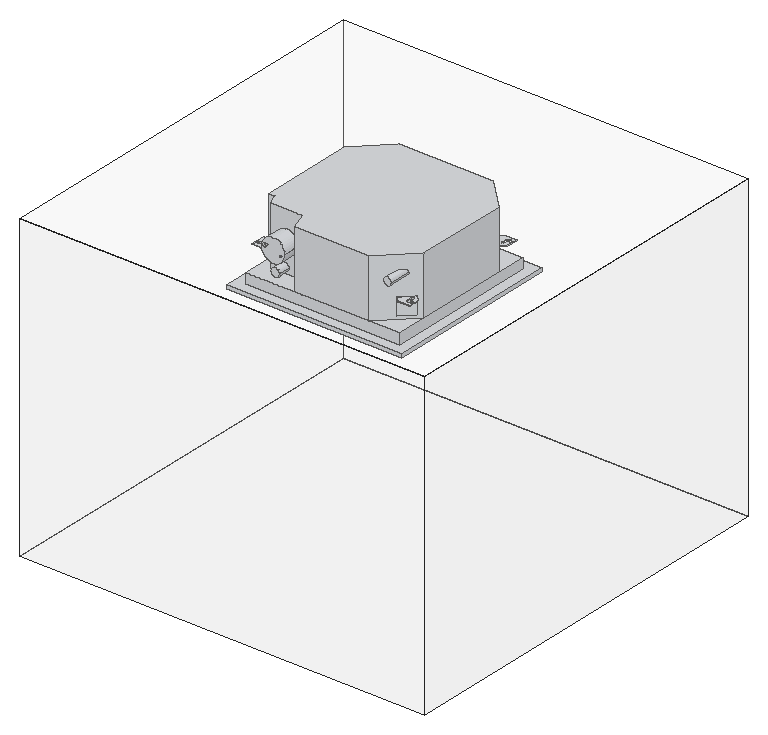
Revit family "plfy-p22_71gmg7_50Hz", category 機械設備, Revit 2019
Family settings
  丸型コネクタ寸法 = 直径を使用
  パーツ タイプ = 標準
  OmniClass 番号 = 23.75.10.24.21.27.27
  OmniClass タイトル = Split System Air Conditioning Units
  作業面ベース = いいえ
  常に垂直 = はい
  ロード時にボイドで切り取り = いいえ
  共有 = いいえ
  部屋計算ポイント = はい
Parameters (values of type "天井4方向_PLFY-P71GMG7")
  風量（静）（m3／min） = 11
  風量（強）（m3／min） = 15
  風量（弱）（m3／min） = 11.5
  風量（中）（m3／min） = 12.5
  風量 = MAX風量  # 900.0 m³/h
  音響パワーレベル（弱）(dB) = 38
  音響パワーレベル（中2）(dB) = 39
  音響パワーレベル（中1）(dB) = 40
  音響パワーレベル(dB) = 43
  電源種別 = ""
  電源_H = 0 mm
  電圧_電気ヒーター = 0 V
  電圧 = 200 V
  電動機出力_送風機 = 0.05 kW
  運転質量 = 0.00 kg
  連動 = ""
  質量 = if(製品質量 > 運転質量, 製品質量, 運転質量) * 1.2  # 24.72 kg
  負荷分類 = 3_ファン類
  構成品番 = "PLFY-P71GMG"
  ドレン管径 (外径) = 32 mm
  ドレン管径 = 25 mm
  サービススペース = yes
  URL = "https://www.mitsubishielectric.co.jp/ldg/wink/ssl/displayProduct.do?pid=305425"
  説明 = "ビル用マルチ 4方向天井カセット形<コンパクトタイプ>"
  設計暖房能力 = 0.00 kW
  設計冷房能力_顕熱 = 0 kW
  設計冷房能力 = 0 kW
  設置方法 = "カセット形"
  記号 = ""
  製造元 = "三菱電機株式会社"
  製品質量 = 20.60 kg
  製品出荷対象 = "国内"
  製品リリース年月 = "2021/5/10"
  製品グループ = ""
  系統 = ""
  符号 = "PAC-CK4"
  積算_科目 = "1 空気調和設備"
  積算_拾い区分 [instance] = ""
  相 = 1
  盤記号 = ""
  発停方法 = "付属スイッチ"
  特殊仕様 = ""
  火災停止 = ""
  消費電力_電気ヒーター = 0.00 kW
  消費電力_暖房 = 0.04 kW
  消費電力_加湿器 = 0.00 kW
  消費電力_冷房 = 0.04 kW
  消費電力 = if(消費電力_冷房 > 消費電力_暖房, 消費電力_冷房, 消費電力_暖房) + 消費電力_加湿器 + 消費電力_電気ヒーター  # 0.04 kW
  法定耐用年数 = "6"
  極数 = 1
  材質 = ""
  本体マテリアル = none
  有効加湿量 = 0
  暖房能力 = 8.00 kW
  推奨ブレーカー容量 = 0 A
  形式_加湿器 = ""
  形式 = "カセット形（4方向吹出形）"
  幹線記号 = ""
  始動方式 = "直入"
  呼称 = "パッケージ形空気調和機_室内機"
  周波数 = 50 Hz
  吊り位置Y = 507 mm
  吊り位置X = 640 mm
  吊りボルト_H = 134 mm
  台数_手元リモコン = ""
  台数_冷媒分岐ユニット = ""
  参照している仕様書等のバージョン = "公共建築工事標準仕様書（機械設備工事編）平成31年度版"
  加湿給水管径 = 0 mm
  分類コード = "50053003123030"
  分類グループ = ""
  冷房能力 = 7.1 kW
  冷媒高低圧ガス管径 = 0 mm
  冷媒管径符号 = "Bd"
  冷媒管径 = 100 mm
  冷媒液管高さ = 159 mm
  冷媒液管長さ = 75 mm
  冷媒液管径 = 9.5 mm
  冷媒ガス管高さ = 183 mm
  冷媒ガス管長さ = 80 mm
  冷媒ガス管径 = 15.9 mm
  企業コード = "108420"
  付属品_フィルター = ""
  付属品 = ""
  仕様書バージョン = "Version1.0"
  Model = ""
  パネルマテリアル = none
  ドレン管高さ = 227 mm
  コメント [instance] = ""
  ケーブル種類 = ""
  ケーブルサイズ = 0 mm
  Width = 670 mm
  Version = ""
  Uniclass2015Version = "Systems v1.9"
  Uniclass2015Title = "Split coil remote air cooled condensing units"
  Uniclass2015Code = "Pr_70_65_03_84"
  SpecificationReference = ""
  SpecificationDescription = ""
  Revision = ""
  ProductInformation = ""
  Panel Width = 760 mm
  Panel Height = 15 mm
  Panel Depth = 760 mm
  OmniClassCode = "23-33 17 13 11"
  MIN風量 = 風量（静）（m3／min） * 60.0 m³/h  # 660.0 m³/h
  MID風量2 = 風量（弱）（m3／min） * 60.0 m³/h  # 690.0 m³/h
  MID風量 = 風量（中）（m3／min） * 60.0 m³/h  # 750.0 m³/h
  MAX風量 = 風量（強）（m3／min） * 60.0 m³/h  # 900.0 m³/h
  IfcTypeProduct = ""
  IfcProduct = ""
  IfcExportType = "AIRCONDITIONINGUNIT"
  IfcExportAs = "IfcUnitaryEquipmentType"
  Height = 298 mm
  Depth = 670 mm
  価格 = 0
  Clearance Top = 305 mm
  Clearance Right = 500 mm
  Clearance Left = 500 mm
  Clearance Front = 500 mm
  Clearance Bottom = 1000 mm
  Clearance Back = 500 mm
  Author = "三菱電機株式会社"
Types (6, lengths in mm): name | 風量（静）（m3／min） | 風量（強）（m3／min） | 風量（弱）（m3／min） | 風量（中）（m3／min） | 風量 | 音響パワーレベル（弱）(dB) | 音響パワーレベル（中2）(dB) | 音響パワーレベル（中1）(dB) | 音響パワーレベル(dB) | 質量 | 構成品番 | URL | 製品質量 | 消費電力_暖房 | 消費電力_冷房 | 消費電力 | 暖房能力 | 冷房能力 | 冷媒管径符号 | 冷媒液管長さ | 冷媒液管径 | 冷媒ガス管長さ | 冷媒ガス管径 | MIN風量 | MID風量2 | MID風量 | MAX風量
  天井4方向_PLFY-P22GMG7 | 8.5 | 10 | 9 | 9.5 | 600.0 m³/h | 47 | 48 | 49 | 50 | 23.52 kg | "PLFY-P22GMG" | "https://www.mitsubishielectric.co.jp/ldg/wink/ssl/displayProduct.do?pid=305408" | 19.60 kg | 0.02 kW | 0.02 kW | 0.02 kW | 2.50 kW | 2.2 kW | "Ac" | 71 | 6.4 | 76 | 12.7 | 510.0 m³/h | 540.0 m³/h | 570.0 m³/h | 600.0 m³/h
  天井4方向_PLFY-P28GMG7 | 8.5 | 10 | 9 | 9.5 | 600.0 m³/h | 47 | 48 | 49 | 50 | 23.52 kg | "PLFY-P28GMG" | "https://www.mitsubishielectric.co.jp/ldg/wink/ssl/displayProduct.do?pid=305409" | 19.60 kg | 0.02 kW | 0.02 kW | 0.02 kW | 3.20 kW | 2.8 kW | "Ac" | 71 | 6.4 | 76 | 12.7 | 510.0 m³/h | 540.0 m³/h | 570.0 m³/h | 600.0 m³/h
  天井4方向_PLFY-P36GMG7 | 9.5 | 12 | 10 | 10.5 | 720.0 m³/h | 49 | 50 | 51 | 54 | 23.52 kg | "PLFY-P36GMG" | "https://www.mitsubishielectric.co.jp/ldg/wink/ssl/displayProduct.do?pid=305410" | 19.60 kg | 0.03 kW | 0.03 kW | 0.03 kW | 4.00 kW | 3.6 kW | "Ac" | 71 | 6.4 | 76 | 12.7 | 570.0 m³/h | 600.0 m³/h | 630.0 m³/h | 720.0 m³/h
  天井4方向_PLFY-P45GMG7 | 9.5 | 12.5 | 10 | 10.5 | 750.0 m³/h | 49 | 50 | 52 | 54 | 23.52 kg | "PLFY-P45GMG" | "https://www.mitsubishielectric.co.jp/ldg/wink/ssl/displayProduct.do?pid=305411" | 19.60 kg | 0.03 kW | 0.03 kW | 0.03 kW | 5.00 kW | 4.5 kW | "Ac" | 71 | 6.4 | 76 | 12.7 | 570.0 m³/h | 600.0 m³/h | 630.0 m³/h | 750.0 m³/h
  天井4方向_PLFY-P56GMG7 | 10 | 13 | 11.5 | 12.5 | 780.0 m³/h | 50 | 53 | 54 | 55 | 24.72 kg | "PLFY-P56GMG" | "https://www.mitsubishielectric.co.jp/ldg/wink/ssl/displayProduct.do?pid=305412" | 20.60 kg | 0.03 kW | 0.03 kW | 0.03 kW | 6.30 kW | 5.6 kW | "Ac" | 71 | 6.4 | 76 | 12.7 | 600.0 m³/h | 690.0 m³/h | 750.0 m³/h | 780.0 m³/h
  天井4方向_PLFY-P71GMG7 | 11 | 15 | 11.5 | 12.5 | 900.0 m³/h | 38 | 39 | 40 | 43 | 24.72 kg | "PLFY-P71GMG" | "https://www.mitsubishielectric.co.jp/ldg/wink/ssl/displayProduct.do?pid=305425" | 20.60 kg | 0.04 kW | 0.04 kW | 0.04 kW | 8.00 kW | 7.1 kW | "Bd" | 75 | 9.5 | 80 | 15.9 | 660.0 m³/h | 690.0 m³/h | 750.0 m³/h | 900.0 m³/h
Reference planes
  plane 1 "中心(正面/背面)": y = 0
  plane 2: z = 0
  plane 3 "中心(左/右)": x = 0
  plane 4: x = -380
  plane 5: x = 380
  plane 6: y = 380
  plane 7: y = -380
  plane 8: z = 298
  plane 9: z = 305
  plane 10: x = -320
  plane 11: x = 320
  plane 12: y = 253.5
  plane 13: y = -253.5
  plane 14: z = 46
  plane 15: y = 335
  plane 16: y = -335
  plane 17: x = -335
  plane 18: x = 335
  plane 19: x = -880
  plane 20: x = 880
  plane 21: y = 880
  plane 22: y = -880
  plane 23: z = 298
  plane 24: z = -15
  plane 25: z = -1015
  plane 26: z = 305
  plane 27 "冷媒管基準面": y = -255
  plane 28: x = -186
  plane 29: z = 159
  plane 30: y = -335
  plane 31: y = -330
Forms (mm)
  Extrusion 1, solid, detail levels fine
    sketch origin (0, -255, 15) x (1, 0, 0) y (0, 0, 1)
      loop
        circle (-186, 144) r 3.175
    from 0 to 75
  Extrusion 2, solid, detail levels fine
    sketch origin (-67, -255, 39) x (1, 0, 0) y (0, 0, 1)
      loop
        circle (-186, 144) r 6.35
    from 0 to 80
Dimensions and locks
  equal spacing: plane 4, plane 3 "中心(左/右)", plane 5
  plane 4 to plane 5 = 760 mm
  equal spacing: plane 7, plane 1 "中心(正面/背面)", plane 6
  plane 7 to plane 6 = 760 mm
  locked: plane 12 to plane 6 at 126.5
  plane 7 to plane 13 = 126.5 mm
  plane 4 to plane 10 = 60 mm
  locked: plane 11 to plane 5 at 60
  "吊り位置X": plane 10 to plane 11
  equal spacing: plane 10, plane 3 "中心(左/右)", plane 11
  equal spacing: plane 13, plane 1 "中心(正面/背面)", plane 12
  "吊り位置Y": plane 13 to plane 12
  equal spacing: plane 16, plane 1 "中心(正面/背面)", plane 15
  "Depth": plane 16 to plane 15
  equal spacing: plane 17, plane 3 "中心(左/右)", plane 18
  "Width": plane 17 to plane 18
  locked: plane 14 to level at 46
  "Clearance Left": plane 19 to plane 4
  "Clearance Right": plane 5 to plane 20
  "Clearance Back": plane 6 to plane 21
  locked: level to plane 24 at 15
  "Clearance Bottom": plane 24 to plane 25
  "Clearance Front": plane 22 to plane 7
  "Clearance Top": plane 26 to plane 2
  "Height": level to nested 3
  plane 29 to plane 2 = 159 mm
  nested 3 to level = 134 mm
  "冷媒液管長さ": plane 31 to plane 27 "冷媒管基準面"
  "冷媒ガス管長さ": plane 30 to plane 27 "冷媒管基準面"
  aligned and locked: level to plane 2
  aligned and locked: plane 10 to nested 2
  aligned and locked: plane 11 to nested 2
  aligned and locked: nested 2 to plane 12
  aligned and locked: plane 13 to nested 2
  aligned and locked: plane 19 to nested 1
  aligned and locked: plane 20 to nested 1
  aligned and locked: plane 22 to nested 1
  aligned and locked: plane 21 to nested 1
  aligned and locked: plane 25 to nested 1
  aligned and locked: plane 5 to nested 3
  aligned and locked: plane 15 to nested 3
  aligned and locked: plane 6 to nested 3
  aligned and locked: plane 7 to nested 3
  aligned and locked: plane 26 to nested 1
  aligned and locked: plane 31 to Extrusion 1
  aligned and locked: plane 30 to Extrusion 2
Automatic sketch dimensions
  Extrusion 1 sketch curve to plane 28 = 0 mm
  Extrusion 1 sketch curve to plane 29 = 0 mm
  plane 29 to Extrusion 2 sketch curve = 24 mm
  plane 10 to Extrusion 2 sketch curve = 67 mm
  radius of Extrusion 1 sketch curve = 3.175 mm
  radius of Extrusion 2 sketch curve = 6.35 mm
Nested families
  nested 1: "サービススペース" at (0, 0, -355), visible <- "サービススペース", type "サービススペース"
    with Width 1760 mm, Height 1320 mm, Depth 1760 mm
  nested 2: "固定点" at (-320, -253.5, 0), type "固定点"
    with W 640 mm, D 507 mm
  nested 3: "PL-RP○○GA3" at (0, 0, 0), type "PL-RP○○GA3"
    with ユニット表示 yes, 液配管サイズ 9.5 mm, 冷媒液管径-Y 75 mm, 冷媒ガス管径-Y 80 mm, ガス配管サイズ 15.9 mm
Connectors
  piping at (-219.5, -330, 171), diameter 100, driven by "冷媒管径", driven by "冷媒管径符号"
    settings: on nested 3, index 1, connector inside diameter 609.6 mm, connector length 0 mm, flow factor 0, pipe flow 0.0 L/s, pressure drop 0.0 Pa, fitting loss kfactor 0, connector angle 0.00°, fixture units 0, engagement length 0 mm, angle of deflection 0.00°, flow configuration 1, flow direction 1, fitting loss method 4, system type 7, joint type 0, gender type 0, connector reference index -1, connector utility 0, adjustable connector no, is connector primary yes, connector description "Bd"
  piping at (281, -332, 227), diameter 25, driven by "ドレン管径"
    settings: on nested 3, index 2, connector inside diameter 609.6 mm, connector length 0 mm, flow factor 0, pipe flow 0.0 L/s, pressure drop 0.0 Pa, fitting loss kfactor 0, connector angle 0.00°, fixture units 0, engagement length 0 mm, angle of deflection 0.00°, flow configuration 1, flow direction 2, fitting loss method 4, system type 16, joint type 0, gender type 0, connector reference index -1, connector utility 0, adjustable connector no, is connector primary no, connector description ""
  electrical at (-230, -305, 70), driven by "極数", driven by "負荷分類", driven by "電圧", driven by "消費電力"
    settings: on nested 3, index 3, voltage 200 V, apparent load 40 VA, apparent load phase1 0 VA, apparent load phase2 0 VA, apparent load phase3 0 VA, power factor 1, load classification "3_ファン類", number of poles 1, system type 30, power factor state 1, is connector primary yes, connector utility no, sub classification motor no, connector description ""
Definition of nested family "サービススペース"
  Parameters (values of type "サービススペース")
    Width [instance] = 500 mm
    Height [instance] = 500 mm
    Depth [instance] = 500 mm
  Reference planes
    plane 1 "中心(正面/背面)": y = 0
    plane 2: z = 0
    plane 3 "中心(左/右)": x = 0
    plane 4: y = -250
    plane 5: x = 250
    plane 6: y = 250
    plane 7: x = -250
    plane 8: z = 250
    plane 9: z = -250
  Forms (mm)
    Extrusion 1, solid
      sketch origin (-638.939, 0, 72.39) x (1, 0, 0) y (0, 1, 0)
        loop
          line (388.939, 250) -> (388.939, -250) -> (888.939, -250) -> (888.939, 250) -> (388.939, 250)
      from -322.39 to 177.61
  Lines and regions (mm)
    symbolic lines
      curve 1: line (-250, 0, 250) -> (250, 0, 250)
      curve 2: line (-250, 0, -250) -> (-250, 0, 250)
      curve 3: line (250, 0, -250) -> (-250, 0, -250)
      curve 4: line (250, 0, 250) -> (250, 0, -250)
      curve 5: line (0, -250, 250) -> (0, 250, 250)
      curve 6: line (0, -250, -250) -> (0, -250, 250)
      curve 7: line (0, 250, -250) -> (0, -250, -250)
      curve 8: line (0, 250, 250) -> (0, 250, -250)
      curve 9: line (-250, 250, 0) -> (250, 250, 0)
      curve 10: line (-250, -250, 0) -> (-250, 250, 0)
      curve 11: line (250, -250, 0) -> (-250, -250, 0)
      curve 12: line (250, 250, 0) -> (250, -250, 0)
  Dimensions and locks
    equal spacing: plane 7, plane 3 "中心(左/右)", plane 5
    equal spacing: plane 4, plane 1 "中心(正面/背面)", plane 6
    "Depth": plane 4 to plane 6
    "Width": plane 7 to plane 5
    equal spacing: plane 8, plane 2, plane 9
    "Height": plane 8 to plane 9
    aligned and locked: plane 9 to curve 3
    aligned and locked: plane 7 to curve 2
    aligned and locked: curve 4 to plane 5
    aligned and locked: plane 5 to Extrusion 1
    aligned and locked: Extrusion 1 to plane 7
    aligned and locked: Extrusion 1 to plane 9
    aligned and locked: plane 8 to Extrusion 1
    aligned and locked: plane 9 to curve 7
  Automatic sketch dimensions
    plane 4 to Extrusion 1 sketch curve = 0 mm
    Extrusion 1 sketch curve to plane 7 = 0 mm
    Extrusion 1 sketch curve to plane 5 = 0 mm
    plane 6 to Extrusion 1 sketch curve = 0 mm
    curve 2 to plane 8 = 0 mm
    plane 4 to curve 11 = 0 mm
    curve 11 to plane 7 = 0 mm
    curve 11 to plane 5 = 0 mm
    plane 6 to curve 10 = 0 mm
    curve 7 to plane 4 = 0 mm
    curve 7 to plane 6 = 0 mm
    curve 6 to plane 8 = 0 mm
Definition of nested family "PL-RP○○GA3"
  Parameters (values of type "PL-RP○○GA3")
    配線取出口サイズ = 36 mm
    配線取出口-Z = 70 mm
    配線取出口-Y = 50 mm
    配線取出口-X = 230 mm
    液配管サイズ = 6.4 mm
    A = 幅さ + 90 mm  # 760 mm
    高さ = 298 mm
    奥行き = 670 mm
    吊りボルト_H = 134 mm
    冷媒配管 = 100 mm
    冷媒液管径-Z = 159 mm
    冷媒液管径-Y = 71 mm
    冷媒液管径-X = 186 mm
    冷媒ガス管径-Z = 183 mm
    冷媒ガス管径-Y = 76 mm
    冷媒ガス管径-X = 253 mm
    ユニット表示 [instance] = yes
    ボルトピッチ = 507 mm
    ドレン配管サイズ = 32 mm
    ドレン管径-Z = 227 mm
    ドレン管径-Y = 77 mm
    ドレン管径-X = 281 mm
    ガス配管サイズ = 12.7 mm
    D = 幅さ - 30 mm  # 640 mm
    幅さ = 670 mm
    B = 幅さ + 40 mm  # 710 mm
  Reference planes
    plane 1 "中心(正面/背面)": y = 0
    plane 2: z = 0
    plane 3 "中心(左/右)": x = 0
    plane 4: x = -355
    plane 5: x = 355
    plane 6: x = -335
    plane 7: x = 335
    plane 8: x = -320
    plane 9: x = 320
    plane 10: y = 253.5
    plane 11: y = -253.5
    plane 12: y = 335
    plane 13: y = -335
    plane 14: x = -380
    plane 15: x = 380
    plane 16: z = -15
    plane 17: z = 46
    plane 18: z = 298
    plane 19: z = 134
    plane 20: z = 136
    plane 21: z = 227
    plane 22: z = 159
    plane 23: z = 183
    plane 24: z = 60
    plane 25: y = 380
    plane 26: y = -380
    plane 27: x = -253
    plane 28: x = -150
    plane 29: x = -123
    plane 30: x = -186
    plane 31: x = 281
    plane 32: x = 202
    plane 33: y = -255
    plane 34: y = -207
    plane 35: y = -331
    plane 36: y = -326
    plane 37 "ドレン管接続口": y = -332
    plane 38: y = -202
    plane 39: y = 291.5
    plane 40: y = 275.5
    plane 41: y = 263.5
    plane 42: x = -326
    plane 43: x = -314
    plane 44: x = -343
    plane 45: x = 314
    plane 46: x = 326
    plane 47: x = 343
    plane 48: y = -291.5
    plane 49: y = -275.5
    plane 50: y = -263.5
    plane 51: x = -230
    plane 52: y = 202
    plane 53: x = -202
    plane 54: z = 70
    plane 55: y = -305
  Forms (mm)
    Extrusion 1, solid, visible <- "ユニット表示"
      sketch origin (0, 0, 0) x (1, 0, 0) y (0, 1, 0)
        loop
          line (-380, 380) -> (-380, -380) -> (380, -380) -> (380, 380) -> (-380, 380)
      from -15 to 0
    Extrusion 2, solid, visible <- "ユニット表示", detail levels fine
      sketch origin (0, 0, 0) x (1, 0, 0) y (0, 1, 0)
        loop
          line (-203.39, 335) -> (-335, 203.39) -> (-335, -207) -> (-309.258, -207) -> (-288.883, -255) -> (-150, -255) -> (-123.033, -335) -> (202, -335) -> (335, -202) -> (335, 203.39) -> (203.39, 335) -> (-203.39, 335)
      from 46 to 298
    Extrusion 3, solid, visible <- "ユニット表示", detail levels fine
      sketch origin (0, 0, 0) x (1, 0, 0) y (0, 1, 0)
        loop
          line (335, 335) -> (-335, 335) -> (-335, -335) -> (335, -335) -> (335, 335)
      from 0 to 46
    Extrusion 4, solid, visible <- "ユニット表示", detail levels fine
      sketch origin (0, 0, 0) x (1, 0, 0) y (0, 0, 1)
        loop
          circle (-219.5, 171) r 50
      from 255 to 326
    Extrusion 5, solid, visible <- "ユニット表示", detail levels fine
      sketch origin (0, 0, 0) x (1, 0, 0) y (0, 1, 0)
        loop
          line (-343, -291.5) -> (-300.314, -291.5) -> (-290.686, -250.751) -> (-306.998, -212.324) -> (-343, -227.606) -> (-343, -263.5) -> (-329, -263.5)
          arc (-329, -263.5) -> (-326.879, -262.621) -> (-326, -260.5) r 3
          line (-326, -260.5) -> (-326, -249.5)
          arc (-326, -249.5) -> (-320, -243.5) -> (-314, -249.5) r 6
          line (-314, -249.5) -> (-314, -269.478)
          arc (-314, -269.478) -> (-315.757, -273.721) -> (-320, -275.5) r 6
          line (-320, -275.5) -> (-343, -275.5) -> (-343, -291.5)
        loop
          line (-343, 275.5) -> (-320, 275.5)
          arc (-320, 275.5) -> (-315.757, 273.743) -> (-314, 269.5) r 6
          line (-314, 269.5) -> (-314, 249.5)
          arc (-314, 249.5) -> (-320, 243.5) -> (-326, 249.5) r 6
          line (-326, 249.5) -> (-326, 260.5)
          arc (-326, 260.5) -> (-326.879, 262.621) -> (-329, 263.5) r 3
          line (-329, 263.5) -> (-343, 263.5) -> (-343, 244.959) -> (-318.215, 220.175) -> (-270.214, 268.176) -> (-293.539, 291.5) -> (-343, 291.5) -> (-343, 275.5)
        loop
          line (343, 291.5) -> (293.539, 291.5) -> (270.214, 268.176) -> (318.215, 220.175) -> (343, 244.959) -> (343, 263.5) -> (329, 263.5)
          arc (329, 263.5) -> (326.879, 262.621) -> (326, 260.5) r 3
          line (326, 260.5) -> (326, 249.5)
          arc (326, 249.5) -> (320, 243.5) -> (314, 249.5) r 6
          line (314, 249.5) -> (314, 269.5)
          arc (314, 269.5) -> (315.757, 273.743) -> (320, 275.5) r 6
          line (320, 275.5) -> (343, 275.5) -> (343, 291.5)
        loop
          line (293.539, -291.5) -> (343, -291.5) -> (343, -275.5) -> (320, -275.5)
          arc (320, -275.5) -> (315.757, -273.743) -> (314, -269.5) r 6
          line (314, -269.5) -> (314, -249.5)
          arc (314, -249.5) -> (320, -243.5) -> (326, -249.5) r 6
          line (326, -249.5) -> (326, -260.5)
          arc (326, -260.5) -> (326.879, -262.621) -> (329, -263.5) r 3
          line (329, -263.5) -> (343, -263.5) -> (343, -244.959) -> (317.52, -219.48) -> (269.519, -267.481) -> (293.539, -291.5)
      from 134 to 136
    Extrusion 6, solid, visible <- "ユニット表示", detail levels fine
      sketch origin (0, 0, 0) x (1, 0, 0) y (0, 1, 0)
        loop
          line (-306.998, -212.324) -> (-308.839, -213.105) -> (-291.463, -254.04) -> (-289.622, -253.258) -> (-306.998, -212.324)
        loop
          line (-271.629, 269.59) -> (-319.63, 221.589) -> (-318.245, 220.204) -> (-270.244, 268.205) -> (-271.629, 269.59)
        loop
          line (271.629, 269.59) -> (270.244, 268.205) -> (318.245, 220.204) -> (319.63, 221.589) -> (271.629, 269.59)
        loop
          line (270.934, -268.895) -> (318.935, -220.894) -> (317.52, -219.48) -> (269.519, -267.481) -> (270.934, -268.895)
      from 60 to 136
    Extrusion 7, solid, visible <- "ユニット表示", detail levels fine
      sketch origin (0, 0, 0) x (1, 0, 0) y (0, 0, 1)
        loop
          circle (-230, 70) r 18
      from 255 to 305
    Extrusion 8, solid, detail levels fine
      sketch origin (0, -332, 0) x (-1, 0, 0) y (0, 0, 1)
        loop
          circle (-281, 227) r 16
      from 0 to 100
  Cuts and joins
    joined: Extrusion 5, Extrusion 6
  Dimensions and locks
    equal spacing: plane 4, plane 3 "中心(左/右)", plane 5
    "B": plane 4 to plane 5
    equal spacing: plane 6, plane 3 "中心(左/右)", plane 7
    "幅さ": plane 6 to plane 7
    equal spacing: plane 8, plane 3 "中心(左/右)", plane 9
    "D": plane 8 to plane 9
    equal spacing: plane 11, plane 1 "中心(正面/背面)", plane 10
    "ボルトピッチ": plane 10 to plane 11
    equal spacing: plane 12, plane 1 "中心(正面/背面)", plane 13
    "奥行き": plane 12 to plane 13
    "A": plane 14 to plane 15
    equal spacing: plane 14, plane 3 "中心(左/右)", plane 15
    locked: plane 2 to plane 16 at 15
    locked: plane 17 to plane 2 at 46
    "吊りボルト_H": plane 19 to level
    locked: plane 20 to plane 19 at 2
    "ドレン管径-Z": plane 21 to level
    "冷媒液管径-Z": plane 22 to level
    "冷媒ガス管径-Z": plane 23 to level
    plane 24 to level = 60 mm
    equal spacing: plane 25, plane 1 "中心(正面/背面)", plane 26
    "A": plane 25 to plane 26
    locked: plane 6 to plane 28 at 185
    locked: plane 6 to plane 29 at 212
    locked: plane 32 to plane 7 at 133
    "冷媒ガス管径-X": plane 27 to plane 3 "中心(左/右)"
    "冷媒液管径-X": plane 30 to plane 3 "中心(左/右)"
    "ドレン管径-X": plane 3 "中心(左/右)" to plane 31
    locked: plane 33 to plane 13 at 80
    locked: plane 34 to plane 13 at 128
    "冷媒ガス管径-Y": plane 33 to plane 35
    "冷媒液管径-Y": plane 33 to plane 36
    "ドレン管径-Y": plane 33 to plane 37 "ドレン管接続口"
    locked: plane 38 to plane 13 at 133
    equal spacing: plane 30, Extrusion 4 sketch curve, plane 27
    equal spacing: plane 23, Extrusion 4 sketch curve, plane 22
    locked: plane 44 to plane 8 at 23
    plane 42 to plane 8 to plane 43 = 6 mm locked, 6 mm locked
    locked: plane 9 to plane 47 at 23
    plane 45 to plane 9 to plane 46 = 6 mm locked, 6 mm locked
    plane 11 to plane 50 to plane 49 to plane 48 = 10 mm locked, 12 mm locked, 16 mm locked
    plane 39 to plane 40 to plane 41 to plane 10 = 16 mm locked, 12 mm locked, 10 mm locked
    locked: Extrusion 5 sketch curve to plane 11 at 4  (x2)
    locked: plane 10 to Extrusion 5 sketch curve at 4  (x2)
    "配線取出口-X": plane 51 to plane 3 "中心(左/右)"
    "配線取出口-Z": plane 54 to level
    "配線取出口-Y": plane 33 to plane 55
    locked: cut or joined group of Extrusion 5, Extrusion 6 to Extrusion 6 sketch curve at 2
    locked: Extrusion 6 sketch curve to Extrusion 2 at 2  (x3)
    "高さ": plane 18 to level
    "冷媒配管": diameter of Extrusion 4 sketch curve
    radius of Extrusion 5 sketch curve = 6 mm  (x8)
    radius of Extrusion 5 sketch curve = 3 mm  (x4)
    "配線取出口サイズ": diameter of Extrusion 7 sketch curve
    aligned and locked: level to plane 2
    aligned and locked: Extrusion 1 sketch curve to plane 25
    aligned and locked: plane 14 to Extrusion 1 sketch curve
    aligned and locked: plane 26 to Extrusion 1 sketch curve
    aligned and locked: Extrusion 1 sketch curve to plane 15
    aligned and locked: level to Extrusion 1
    aligned and locked: Extrusion 1 to plane 16
    aligned and locked: plane 18 to Extrusion 2
    aligned and locked: Extrusion 2 to plane 17
    aligned and locked: Extrusion 3 sketch curve to plane 7
    aligned and locked: Extrusion 3 sketch curve to plane 13
    aligned and locked: Extrusion 3 sketch curve to plane 6
    aligned and locked: Extrusion 3 sketch curve to plane 12
    aligned and locked: Extrusion 3 to level
    aligned and locked: plane 17 to Extrusion 3
    aligned and locked: plane 28 to Extrusion 2 sketch curve
    aligned and locked: plane 34 to Extrusion 2 sketch curve
    aligned and locked: Extrusion 2 sketch curve to plane 13
    aligned and locked: Extrusion 2 sketch curve to plane 7
    aligned and locked: Extrusion 2 sketch curve to plane 12
    aligned and locked: Extrusion 2 sketch curve to plane 6
    aligned and locked: plane 7 to Extrusion 2 sketch curve
    aligned and locked: plane 38 to Extrusion 2 sketch curve
    aligned and locked: plane 32 to Extrusion 2 sketch curve
    aligned and locked: plane 13 to Extrusion 2 sketch curve
    aligned and locked: plane 44 to Extrusion 5 sketch curve  (x2)
    aligned and locked: Extrusion 5 sketch curve to plane 50
    aligned and locked: plane 49 to Extrusion 5 sketch curve
    aligned and locked: Extrusion 5 sketch curve to plane 48
    aligned and locked: plane 43 to Extrusion 5 sketch curve
    aligned and locked: plane 42 to Extrusion 5 sketch curve  (x2)
    aligned and locked: Extrusion 6 to plane 24
    aligned and locked: plane 20 to Extrusion 6
    aligned and locked: plane 39 to Extrusion 5 sketch curve  (x2)
    aligned and locked: Extrusion 5 sketch curve to plane 44  (x2)
    aligned and locked: plane 41 to Extrusion 5 sketch curve  (x2)
    aligned and locked: Extrusion 5 sketch curve to plane 40  (x2)
    aligned and locked: Extrusion 5 sketch curve to plane 43
    aligned and locked: Extrusion 5 sketch curve to Extrusion 2  (x3)
    aligned and locked: plane 47 to Extrusion 5 sketch curve  (x4)
    aligned and locked: plane 45 to Extrusion 5 sketch curve  (x2)
    aligned and locked: Extrusion 5 sketch curve to plane 46  (x2)
    aligned and locked: plane 50 to Extrusion 5 sketch curve
    aligned and locked: plane 48 to Extrusion 5 sketch curve
    aligned and locked: Extrusion 5 sketch curve to plane 49
    aligned and locked: plane 51 to Extrusion 7 sketch curve
    aligned and locked: plane 54 to Extrusion 7 sketch curve
    aligned and locked: Extrusion 7 to Extrusion 2
    aligned and locked: plane 55 to Extrusion 7
    aligned and locked: cut or joined group of Extrusion 5, Extrusion 6 to cut or joined group of Extrusion 5, Extrusion 6  (x2)
    aligned and locked: Extrusion 6 sketch curve to cut or joined group of Extrusion 5, Extrusion 6  (x3)
    aligned and locked: cut or joined group of Extrusion 5, Extrusion 6 to Extrusion 6 sketch curve  (x2)
    aligned and locked: Extrusion 2 to Extrusion 6 sketch curve
    aligned and locked: cut or joined group of Extrusion 5, Extrusion 6 to plane 19
    aligned and locked: plane 20 to cut or joined group of Extrusion 5, Extrusion 6
    aligned and locked: Extrusion 4 to plane 36
  Automatic sketch dimensions
    Extrusion 2 sketch curve to plane 33 = 0 mm
    plane 43 to Extrusion 2 sketch curve = 4.742 mm
    plane 43 to Extrusion 2 sketch curve = 25.117 mm
    Extrusion 2 sketch curve to plane 30 = 17.39 mm
    Extrusion 2 sketch curve to plane 29 = 0.033 mm
    plane 32 to Extrusion 2 sketch curve = 1.39 mm
    Extrusion 2 sketch curve to plane 10 = 50.11 mm  (x2)
    Extrusion 5 sketch curve to plane 8 = 0 mm
    Extrusion 5 sketch curve to plane 8 = 13.002 mm
    Extrusion 5 sketch curve to plane 43 = 13.686 mm
    plane 50 to Extrusion 5 sketch curve = 12.749 mm
    Extrusion 5 sketch curve to Extrusion 5 sketch curve = 9.627 mm
    Extrusion 5 sketch curve to plane 50 = 5.978 mm
    plane 34 to Extrusion 5 sketch curve = 20.606 mm
    plane 8 to Extrusion 6 sketch curve = 1.755 mm
    Extrusion 6 sketch curve to plane 11 = 0.54 mm
    Extrusion 6 sketch curve to Extrusion 6 sketch curve = 1.385 mm
    Extrusion 6 sketch curve to plane 49 = 6.605 mm
    Extrusion 6 sketch curve to plane 9 = 2.48 mm
    Extrusion 6 sketch curve to Extrusion 6 sketch curve = 1.414 mm
    Extrusion 5 sketch curve to plane 8 = 1.785 mm
    Extrusion 5 sketch curve to plane 41 = 4.676 mm  (x2)
    plane 9 to Extrusion 5 sketch curve = 1.785 mm
    Extrusion 5 sketch curve to plane 50 = 3.981 mm
    plane 9 to Extrusion 5 sketch curve = 2.48 mm
    Extrusion 8 sketch curve to plane 21 = 0 mm
    Extrusion 8 sketch curve to plane 31 = 0 mm
    radius of Extrusion 8 sketch curve = 16 mm
Definition of nested family "固定点"
  Parameters (values of type "固定点")
    中心円 = 20 mm
    W [instance] = 1000 mm
    D [instance] = 1000 mm
  Reference planes
    plane 1 "中心(正面/背面)": y = 0
    plane 2: z = 0
    plane 3 "中心(左/右)": x = 0
    plane 4: x = 1000
    plane 5: y = 1000
  Lines and regions (mm)
    symbolic lines, detail levels fine
      curve 1: circle (0, 1000, 0) r 10 normal (0, 0, 1)
      curve 2: circle (0, 0, 0) r 10 normal (0, 0, 1)
      curve 3: circle (1000, 1000, 0) r 10 normal (0, 0, 1)
      curve 4: circle (1000, 0, 0) r 10 normal (0, 0, 1)
      curve 5: line (-200, 1000, 0) -> (1200, 1000, 0)
      curve 6: line (-200, 0, 0) -> (1200, 0, 0)
      curve 7: line (0, 1200, 0) -> (0, -200, 0)
      curve 8: line (1000, 1200, 0) -> (1000, -200, 0)
  Dimensions and locks
    "W": plane 3 "中心(左/右)" to plane 4
    "D": plane 1 "中心(正面/背面)" to plane 5
    "中心円": diameter of curve 1
    "中心円": diameter of curve 2
    "中心円": diameter of curve 3
    "中心円": diameter of curve 4
    aligned and locked: level to plane 2
    aligned and locked: plane 5 to curve 1
    aligned and locked: plane 3 "中心(左/右)" to curve 1
    aligned and locked: plane 3 "中心(左/右)" to curve 2
    aligned and locked: plane 1 "中心(正面/背面)" to curve 2
    aligned and locked: plane 4 to curve 3
    aligned and locked: plane 5 to curve 3
    aligned and locked: plane 1 "中心(正面/背面)" to curve 4
    aligned and locked: plane 4 to curve 4
    aligned and locked: plane 1 "中心(正面/背面)" to curve 6
    aligned and locked: curve 7 to plane 3 "中心(左/右)"
    aligned and locked: curve 8 to plane 4
  Automatic sketch dimensions
    curve 5 to plane 5 = 0 mm
    curve 6 to plane 3 "中心(左/右)" = 200 mm
    curve 5 to plane 3 "中心(左/右)" = 200 mm
    curve 4 to curve 6 = 200 mm
    curve 3 to curve 5 = 200 mm
    plane 1 "中心(正面/背面)" to curve 8 = 200 mm
    plane 1 "中心(正面/背面)" to curve 7 = 200 mm
    curve 3 to curve 8 = 200 mm
    curve 1 to curve 7 = 200 mm
